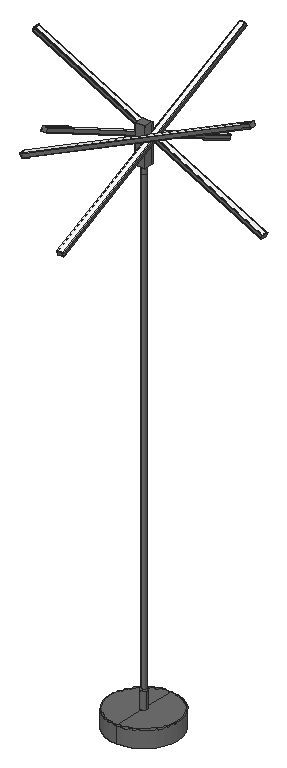
Revit family "AFX-Jaxx-LED_Pendant", category Lighting Fixtures, host Face, Revit 2021
Family settings
  Host = Face
  Round Connector Dimension = Use Diameter
  Part Type = Normal
  Cut with Voids When Loaded = No
  Light Source = No
  Shared = No
  Room Calculation Point = No
Parameters (values of type "JAXP24L30D1BK")
  Wattage Comments = "40W"  # constant formula
  Voltage = 120 V
  URL = "https://www.afxinc.com/"
  Type Comments = "JAXX"  # constant formula
  Screen Finish = AFX - Diffuser
  Revit Model Built By = "https://servex-us.com/servex-revit/"
  Product Documentation Link = "https://www.afxinc.com/products/productDetail.cfm?productID=1204"
  Model = "JAXP24L30D1BK"
  Manufacturer = "AFX Inc"  # constant formula
  Lamp = "LED"
  Keynote = "12500"
  Height = 11 1/2"
  Diameter = 24"
  Description = "LED Pendant Black - 24\"Dia x 11 1/2\"H - 48 Pulg Max"
  Default Elevation = 48"
  Color Rendering Index = 90
  Ceiling Distance [instance] = 48"
  Canopy Finish = AFX - Powdercoat Black
  Cable Finish = AFX - Powdercoat Black
  CD [instance] = if(and(Ceiling Distance > 3 63/64", Ceiling Distance < 48 1/64"), Ceiling Distance, 4")  # 48"
  Body Finish = AFX - Powdercoat Black
  Assembly Code = "D5020200"
  Apparent Load = 0 VA
  Adjustable Height (Range) [instance] = if(and(Ceiling Distance > 3 63/64", Ceiling Distance < 48 1/32"), "48 Pulg Max", "Not Range")  # "48 Pulg Max"
Reference planes (in)
  plane 1 "Center (Front/Back)": y = 0
  plane 2: z = 0
  plane 3 "Center (Left/Right)": x = 0
  plane 4: z = 56.4252
  plane 5: z = 52.48819
  plane 6: z = 51.70079
  plane 7: z = 3.70079
  plane 8: z = 1.77165
  plane 9: y = 12
  plane 10: y = -12
  plane 11: x = 12
  plane 12: x = -12
Forms (in)
  Extrusion 1, solid, material "AFX - Powdercoat Black" <- "Body Finish"
    sketch origin (0, 2.24936, 75.60184) x (0, 1, 0) y (-1, 0, 0)
      loop
        arc (-2.72967, 0.5) -> (-2.74359, 0.49423) -> (-2.74936, 0.48031) r 0.01969
        line (-2.74936, 0.48031) -> (-2.74936, -0.48031)
        arc (-2.74936, -0.48031) -> (-2.74359, -0.49423) -> (-2.72967, -0.5) r 0.01969
        line (-2.72967, -0.5) -> (-1.76904, -0.5)
        arc (-1.76904, -0.5) -> (-1.75512, -0.49423) -> (-1.74936, -0.48031) r 0.01969
        line (-1.74936, -0.48031) -> (-1.74936, 0.48031)
        arc (-1.74936, 0.48031) -> (-1.75512, 0.49423) -> (-1.76904, 0.5) r 0.01969
        line (-1.76904, 0.5) -> (-2.72967, 0.5)
    from -23.11365 to -19.17664
  Revolve 2, solid, material "AFX - Powdercoat Black" <- "Canopy Finish"
    sketch origin (0, 0, 0) x (0, 1, 0) y (0, 0, 1)
      loop
        line (0, 1.77165) -> (0, 0) -> (3.54331, 0) -> (3.54331, 1.70915)
        arc (3.54331, 1.70915) -> (3.525, 1.75335) -> (3.48081, 1.77165) r 0.0625
        line (3.48081, 1.77165) -> (0, 1.77165)
      axis (0, 0) -> (0, 1.77165)
    angle from 0 to 360
  Revolve 3, solid, material "AFX - Powdercoat Black" <- "Cable Finish"
    sketch origin (0, 0, 0) x (0, 1, 0) y (0, 0, 1)
      loop
        line (-0.25591, 51.70079) -> (0, 51.70079) -> (0, 52.48819) -> (-0.25591, 52.48819) -> (-0.25591, 51.70079)
      axis (0, 52.48819) -> (0, 51.70079)
    angle from 0 to 360
  Revolve 4, solid, material "AFX - Powdercoat Black" <- "Cable Finish"
    sketch origin (0, 0, 0) x (0, 1, 0) y (0, 0, 1)
      loop
        line (0, 3.70079) -> (0, 51.70079) -> (-0.22638, 51.70079) -> (-0.22638, 3.70079) -> (0, 3.70079)
      axis (0, 51.70079) -> (0, 3.70079)
    angle from 0 to 360
  Revolve 5, solid, material "AFX - Powdercoat Black" <- "Cable Finish"
    sketch origin (0, 0, 0) x (1, 0, 0) y (0, 0, 1)
      loop
        line (0.31507, 1.77165) -> (0.31507, 3.51354)
        arc (0.31507, 3.51354) -> (0.26022, 3.64594) -> (0.12782, 3.70079) r 0.18725
        line (0.12782, 3.70079) -> (0, 3.70079) -> (0, 1.77165) -> (0.31507, 1.77165)
      axis (0, 1.77165) -> (0, 3.70079)
    angle from 0 to 360
Lines and regions (in)
  symbolic lines
    curve 1: arc (-1.10778, 3.36569, 9.25) -> (-2.5055, 2.5055, 9.25) -> (-3.36569, 1.10778, 9.25) r 3.54331
    curve 2: arc (0.51722, 3.50535, 9.25) -> (0, 3.54331, 9.25) -> (-0.51722, 3.50535, 9.25) r 3.54331
    curve 3: arc (-3.50535, 0.51722, 9.25) -> (-3.54331, 0, 9.25) -> (-3.50535, -0.51722, 9.25) r 3.54331
    curve 4: arc (-3.36569, -1.10778, 9.25) -> (-2.5055, -2.5055, 9.25) -> (-1.10778, -3.36569, 9.25) r 3.54331
    curve 5: arc (-0.51722, -3.50535, 9.25) -> (0, -3.54331, 9.25) -> (0.51722, -3.50535, 9.25) r 3.54331
    curve 6: arc (1.10778, -3.36569, 9.25) -> (2.5055, -2.5055, 9.25) -> (3.36569, -1.10778, 9.25) r 3.54331
    curve 7: arc (3.50535, -0.51722, 9.25) -> (3.54331, 0, 9.25) -> (3.50535, 0.51722, 9.25) r 3.54331
    curve 8: arc (3.36569, 1.10778, 9.25) -> (2.5055, 2.5055, 9.25) -> (1.10778, 3.36569, 9.25) r 3.54331
Dimensions and locks (in)
  plane 6 to plane 5 to plane 4 = 0.7874" locked, 3.93701" locked
  locked: plane 7 to plane 2 at 3.70079
  locked: plane 8 to plane 2 at 1.77165
  Revolve 2 sketch curve to Revolve 2 sketch curve to plane 1 "Center (Front/Back)" = 1/16" locked, 3.48081" locked
  locked: plane 1 "Center (Front/Back)" to Revolve 3 sketch curve at 0.25591
  locked: plane 1 "Center (Front/Back)" to Revolve 4 sketch curve at 0.22638
  "CD": plane 6 to plane 7
  locked: nested 3 to plane 6 at 2.28091
  locked: plane 4 to nested 2 at 4.08841
  locked: nested 2 to plane 6 at 2.28091
  locked: plane 4 to nested 3 at 4.08841
  locked: plane 6 to nested 4 at 2.28042
  locked: nested 1 to plane 4 at 4.0889
  locked: nested 4 to plane 4 at 4.0889
  locked: plane 6 to nested 1 at 2.28042
  locked: plane 7 to Revolve 5 sketch curve at 0.18725
  Revolve 5 sketch curve to Revolve 5 sketch curve to plane 3 "Center (Left/Right)" = 0.18725" locked, 0.12782" locked
  aligned and locked: plane 2 to host face
  aligned and locked: level to host face
  aligned and locked: Extrusion 1 to plane 4
  aligned and locked: plane 5 to Extrusion 1
  aligned and locked: plane 8 to Revolve 5 sketch curve
  aligned and locked: plane 3 "Center (Left/Right)" to Revolve 5 sketch curve  (x2)
  aligned and locked: plane 7 to Revolve 5 sketch curve
Automatic sketch dimensions
  host sketch curve to host sketch curve = 16.60778"
  host sketch curve to host sketch curve = 21.7251"
  plane 1 "Center (Front/Back)" to Extrusion 1 sketch curve = 1/2"
  Extrusion 1 sketch curve to Extrusion 1 sketch curve = 0.01969"  (x3)
  Extrusion 1 sketch curve to plane 1 "Center (Front/Back)" = 0.48031"  (x2)
  plane 3 "Center (Left/Right)" to Extrusion 1 sketch curve = 1/2"
  Extrusion 1 sketch curve to plane 3 "Center (Left/Right)" = 0.48031"
  Revolve 2 sketch curve to plane 1 "Center (Front/Back)" = 0"  (x2)
  Revolve 2 sketch curve to level = 0"
  Revolve 2 sketch curve to plane 8 = 0"
  plane 6 to Revolve 2 sketch curve = 0.18556"
  plane 5 to Revolve 2 sketch curve = 0.22297"
  Revolve 3 sketch curve to plane 1 "Center (Front/Back)" = 0"  (x2)
  plane 6 to Revolve 3 sketch curve = 0"
  plane 5 to Revolve 3 sketch curve = 0"
  Revolve 3 sketch curve to Revolve 3 sketch curve = 0.15007"
  Revolve 3 sketch curve to plane 5 = 0.19535"
  Revolve 4 sketch curve to plane 1 "Center (Front/Back)" = 0"  (x2)
  Revolve 4 sketch curve to plane 7 = 0"
  plane 6 to Revolve 4 sketch curve = 0"
  Revolve 4 sketch curve to plane 8 = 0.75984"
  Revolve 4 sketch curve to plane 4 = 6 1/4"
  Revolve 5 sketch curve to level = 1"
  Revolve 5 sketch curve to Revolve 5 sketch curve = 1.79921"
  curve 1 to curve 2 = 0"  (x2)
  curve 1 to curve 3 = 0"  (x2)
  curve 1 to curve 4 = 0"  (x2)
  curve 1 to curve 5 = 0"  (x2)
  curve 1 to curve 6 = 0"  (x2)
  curve 1 to curve 7 = 0"  (x2)
  curve 1 to curve 8 = 0"  (x3)
  curve 2 to curve 3 = 0"  (x2)
  curve 2 to curve 4 = 0"  (x2)
  curve 2 to curve 5 = 0"  (x2)
  curve 2 to curve 6 = 0"  (x2)
  curve 2 to curve 7 = 0"  (x2)
  curve 2 to curve 8 = 0"  (x2)
  curve 3 to curve 4 = 0"  (x2)
  curve 3 to curve 5 = 0"  (x2)
  curve 3 to curve 6 = 0"  (x2)
  curve 3 to curve 7 = 0"  (x2)
  curve 3 to curve 8 = 0"  (x2)
  curve 4 to curve 5 = 0"  (x2)
  curve 4 to curve 6 = 0"  (x3)
  curve 4 to curve 7 = 0"  (x2)
  curve 4 to curve 8 = 0"  (x2)
  curve 5 to curve 6 = 0"  (x2)
  curve 5 to curve 7 = 0"  (x2)
  curve 5 to curve 8 = 0"  (x2)
  curve 6 to curve 7 = 0"  (x2)
  curve 6 to curve 8 = 0"  (x2)
  curve 7 to curve 8 = 0"  (x2)
  plane 1 "Center (Front/Back)" to curve 4 = 0"
  curve 7 to plane 3 "Center (Left/Right)" = 0"
  plane 1 "Center (Front/Back)" to curve 7 = 0.51722"
  plane 1 "Center (Front/Back)" to curve 3 = 0.51722"
  curve 4 to curve 3 = 0.59055"
  curve 6 to curve 7 = 0.59055"
  plane 3 "Center (Left/Right)" to curve 6 = 1.10778"
  curve 6 to curve 6 = 2.25791"
  curve 5 to curve 6 = 0.13967"
  curve 5 to plane 3 "Center (Left/Right)" = 0.51722"
  curve 5 to curve 4 = 0.13967"
  curve 7 to plane 1 "Center (Front/Back)" = 0.51722"
  curve 3 to plane 1 "Center (Front/Back)" = 0.51722"
  curve 3 to curve 1 = 0.59055"
  curve 7 to curve 8 = 0.59055"
  curve 1 to plane 3 "Center (Left/Right)" = 1.10778"
  curve 1 to curve 1 = 2.25791"
  plane 3 "Center (Left/Right)" to curve 8 = 1.10778"
  curve 8 to curve 2 = 0.13967"
  curve 2 to plane 3 "Center (Left/Right)" = 0.51722"
  curve 1 to curve 2 = 0.13967"
  curve 7 to curve 6 = 0.13967"
  curve 5 to curve 4 = 0.59055"
  curve 1 to curve 3 = 0.13967"
Nested families (in)
  nested 1: "Lamp" at (0.00728, 0.8125, 55.1938) x (-0.9063, 0, 0.4226) z (-0.4226, 0, -0.9063), Body Finish <- "Body Finish", Screen Finish <- "Screen Finish", type "JAXF2020L30D1BK"
    with Screen Finish AFX - Diffuser, Body Finish AFX - Powdercoat Black
  nested 2: "Lamp" at (0.8125, -0.00726, 55.19332) x (0, 0.9063, 0.4226) z (0, 0.4226, -0.9063), Body Finish <- "Body Finish", Screen Finish <- "Screen Finish", type "JAXF2020L30D1BK"
    with Screen Finish AFX - Diffuser, Body Finish AFX - Powdercoat Black
  nested 3: "Lamp" at (-0.8125, 0.00726, 55.19332) x (0, -0.9063, 0.4226) z (0, -0.4226, -0.9063), Body Finish <- "Body Finish", Screen Finish <- "Screen Finish", type "JAXF2020L30D1BK"
    with Screen Finish AFX - Diffuser, Body Finish AFX - Powdercoat Black
  nested 4: "Lamp" at (-0.00728, -0.8125, 55.1938) x (-0.9063, 0, -0.4226) z (0.4226, 0, -0.9063), Body Finish <- "Body Finish", Screen Finish <- "Screen Finish", type "JAXF2020L30D1BK"
    with Screen Finish AFX - Diffuser, Body Finish AFX - Powdercoat Black
Connectors (in)
  electrical at (0, 0, 0), driven by "Voltage", driven by "Apparent Load"
    settings: on Revolve 2, index 1, voltage 120 V, apparent load 0 VA, apparent load phase1 0 VA, apparent load phase2 0 VA, apparent load phase3 0 VA, power factor 1, load classification "Lighting", number of poles 1, system type 31, power factor state 1, is connector primary yes, connector utility no, sub classification motor no, connector description ""
Definition of nested family "Lamp"
  Parameters (values of type "JAXF2020L30D1BK")
    Wattage = 9.2903 W
    built-in parameter 1150110 = 1 (stored number, unit not read)
    built-in parameter 1114217 = 1 (stored number, unit not read)
    Tilt Angle = 90.00°
    built-in parameter 1150109 = 1 (stored number, unit not read)
    built-in parameter 1150134 = 3
    built-in parameter 1150113 = 1 (stored number, unit not read)
    Revit Model Built By = ""
    Photometric Web File = "JAXP24L30D1BK.IES"
    built-in parameter 1150105 = 109.82 (stored number, unit not read)
    Lumens = 1380 lm
    built-in parameter 1150115 = 1 (stored number, unit not read)
    built-in parameter 1150137 = (empty or 0)
    built-in parameter 1150139 = (empty or 0)
    built-in parameter 1150112 = 1 (stored number, unit not read)
    built-in parameter 1150114 = 1 (stored number, unit not read)
    built-in parameter 1150132 = (empty or 0)
    built-in parameter 1150102 = (empty or 0)
    built-in parameter 1150107 = 3200 (stored number, unit not read)
    built-in parameter 1150138 = (empty or 0)
    built-in parameter 1150106 = 1.0982 (stored number, unit not read)
    Emit from Line Length = 24"
    built-in parameter 1150104 = 13.8 (stored number, unit not read)
    Dimming Lamp Color Temperature Shift = (empty or 0)
    Screen Finish [instance] = none
    Default Elevation = 48"
    Color Filter = 16777215
    Body Finish [instance] = none
    Bar Lenght = 26 1/4"
    built-in parameter 1114218 = 1 (stored number, unit not read)
    built-in parameter 1150133 = 10 (stored number, unit not read)
  Types (3): name | Revit Model Built By | Photometric Web File | Bar Lenght
    JAXF2020L30D1BK | "" | "JAXP24L30D1BK.IES" | 26 1/4"
    JAXF2020L30D1SB | "https://servex-us.com/servex-revit/" | "JAXF2020L30D1SB.IES" | 21"
    JAXF2020L30D1PC | "https://servex-us.com/servex-revit/" | "JAXF2020L30D1PC.IES" | 21"
  Reference planes (in)
    plane 1 "Center (Front/Back)": y = 0
    plane 2: z = 0.25
    plane 3 "Center (Left/Right)": x = 0
    plane 4: z = -0.21555
    plane 5: z = -0.02965
    plane 6: x = -13.125
    plane 7: x = 13.125
    plane 8: x = -13.09375
    plane 9: x = 13.09375
  Forms (in)
    Extrusion 1, solid, material <- "Body Finish"
      sketch origin (0, 0, 0.25) x (0, 1, 0) y (0, 0, 1)
        loop
          line (0.29528, -0.39384) -> (0.29528, -0.03125)
          arc (0.29528, -0.03125) -> (0.28612, -0.00915) -> (0.26403, 0) r 0.03125
          line (0.26403, 0) -> (-0.26403, 0)
          arc (-0.26403, 0) -> (-0.28612, -0.00915) -> (-0.29528, -0.03125) r 0.03125
          line (-0.29528, -0.03125) -> (-0.29528, -0.39384) -> (-0.26403, -0.39384) -> (-0.26403, -0.03125) -> (0.26403, -0.03125) -> (0.26403, -0.39384) -> (0.29528, -0.39384)
      from -13.09375 to 13.09375
    Extrusion 2, solid, material <- "Screen Finish"
      sketch origin (0, 0, 0.125) x (0, 1, 0) y (0, 0, 1)
        loop
          arc (0.29528, -0.26884) -> (0, -0.31478) -> (-0.29528, -0.26884) r 0.97203
          line (-0.29528, -0.26884) -> (-0.29528, -0.30009)
          arc (-0.29528, -0.30009) -> (0, -0.34574) -> (0.29528, -0.30009) r 0.97796
          line (0.29528, -0.30009) -> (0.29528, -0.26884)
      from -13.09375 to 13.09375
    Extrusion 3, solid, material <- "Body Finish"
      sketch origin (0, 0, 0.25) x (0, 1, 0) y (0, 0, 1)
        loop
          arc (0.29528, -0.03125) -> (0.28612, -0.00915) -> (0.26403, 0) r 0.03125
          line (0.26403, 0) -> (-0.26403, 0)
          arc (-0.26403, 0) -> (-0.28612, -0.00915) -> (-0.29528, -0.03125) r 0.03125
          line (-0.29528, -0.03125) -> (-0.29528, -0.42509)
          arc (-0.29528, -0.42509) -> (0, -0.46555) -> (0.29528, -0.42509) r 1.09777
          line (0.29528, -0.42509) -> (0.29528, -0.03125)
      from -13.09375 to -13.125
    Extrusion 4, solid, material <- "Body Finish"
      sketch origin (0, 0, 0.25) x (0, 1, 0) y (0, 0, -1)
        loop
          line (0.29528, 0.03125) -> (0.29528, 0.42509)
          arc (0.29528, 0.42509) -> (0, 0.46555) -> (-0.29528, 0.42509) r 1.09777
          line (-0.29528, 0.42509) -> (-0.29528, 0.03125)
          arc (-0.29528, 0.03125) -> (-0.28612, 0.00915) -> (-0.26403, 0) r 0.03125
          line (-0.26403, 0) -> (0.26403, 0)
          arc (0.26403, 0) -> (0.28612, 0.00915) -> (0.29528, 0.03125) r 0.03125
      from -13.09375 to -13.125
  Cuts and joins
    joined: Extrusion 1, Extrusion 3, Extrusion 4
  Dimensions and locks (in)
    equal spacing: plane 7, plane 3 "Center (Left/Right)", plane 6
    "Bar Lenght": plane 7 to plane 6
    locked: plane 8 to plane 6 at 0.03125
    locked: plane 9 to plane 7 at 0.03125
    plane 4 to imposter light to plane 5 to plane 2 = 0.10778" locked, 5/64" locked, 0.27965" locked
    aligned and locked: plane 3 "Center (Left/Right)" to imposter light
    aligned and locked: plane 8 to Extrusion 3
    aligned and locked: Extrusion 3 to plane 6
    aligned and locked: Extrusion 1 to plane 8
    aligned and locked: Extrusion 2 to plane 8
    aligned and locked: Extrusion 2 to plane 9
    aligned and locked: Extrusion 1 to plane 9
    aligned and locked: plane 9 to Extrusion 4
    aligned and locked: Extrusion 4 to plane 7
  Automatic sketch dimensions
    level to Extrusion 1 sketch curve = 1/4"
    Extrusion 1 sketch curve to plane 4 = 0.07171"  (x2)
    plane 1 "Center (Front/Back)" to Extrusion 1 sketch curve = 0.29528"
    Extrusion 1 sketch curve to Extrusion 1 sketch curve = 1/32"  (x3)
    level to Extrusion 1 sketch curve = 7/32"
    Extrusion 1 sketch curve to plane 1 "Center (Front/Back)" = 0.26403"
    Extrusion 1 sketch curve to Extrusion 1 sketch curve = 0"
    Extrusion 2 sketch curve to plane 1 "Center (Front/Back)" = 0"  (x2)
    Extrusion 2 sketch curve to plane 4 = 0.04046"
    plane 1 "Center (Front/Back)" to Extrusion 2 sketch curve = 0.29528"
    Extrusion 2 sketch curve to plane 4 = 0.07171"
    Extrusion 2 sketch curve to plane 1 "Center (Front/Back)" = 0.29528"
    plane 2 to Extrusion 2 sketch curve = 0.50722"
    Extrusion 2 sketch curve to Extrusion 2 sketch curve = 0.02504"
    level to Extrusion 3 sketch curve = 1/4"
    Extrusion 3 sketch curve to plane 1 "Center (Front/Back)" = 0"
    plane 1 "Center (Front/Back)" to Extrusion 3 sketch curve = 0.26403"
    level to Extrusion 3 sketch curve = 7/32"  (x2)
    Extrusion 3 sketch curve to plane 1 "Center (Front/Back)" = 0.26403"
    Extrusion 3 sketch curve to plane 4 = 0.04046"
    plane 2 to Extrusion 3 sketch curve = 0.63222"
    level to Extrusion 4 sketch curve = 1/4"
    Extrusion 4 sketch curve to plane 1 "Center (Front/Back)" = 0"
    plane 1 "Center (Front/Back)" to Extrusion 4 sketch curve = 0.26403"
    level to Extrusion 4 sketch curve = 7/32"  (x2)
    Extrusion 4 sketch curve to plane 1 "Center (Front/Back)" = 0.26403"
    plane 2 to Extrusion 4 sketch curve = 0.63222"
    Extrusion 4 sketch curve to plane 4 = 0.04046"
